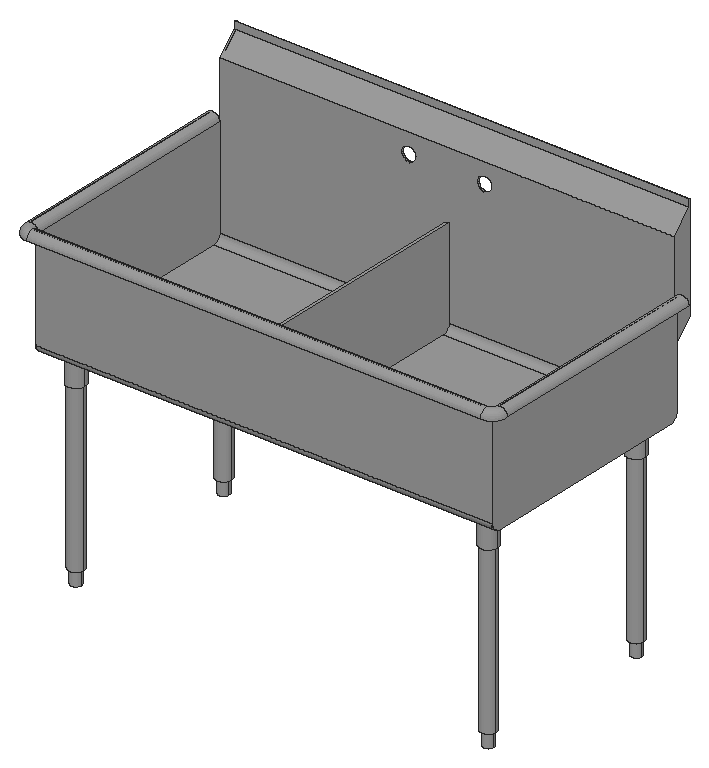
Revit family
Parameters (values of type "ByType")
  Width = 2' - 3 1/2"
  URL = "www.sspinc.net"
  Specification URL = "http://www.sspinc.net/sspweb/index.php?option=com_virtuemart&page=shop.browse&category_id=32&Itemid=73&TreeId=5"
  Sink Material = Metal - Steel - Stainless - Chrome
  Model Number = ""
  Model = "Budget"
  Manufacturer = "Elkay SSP, LLC"
  Length = 4' - 3"
  Hidden Width = if(Compartment Width > 0' 11", Width, (Compartment Width + Sink Rim Front Width + Backsplash Width))  # 2' - 3 1/2"
  Hidden Compartment Width = Width - Sink Rim Front Width - Backsplash Width  # 2' - 0"
  Hidden Compartment Length = (Length - (Sink Rim Sides Width * 2)) / 2  # 2' - 0"
  Description = "Ultility, Double Compartment"
  Compartment Length = if(Hidden Compartment Length > 0' 8 1/2", Hidden Compartment Length, 0' 8 1/2")  # 2' - 0"
  Hidden Length = if((Compartment Length > 0' 8 1/2"), Length, (((Compartment Length * 2) + (Sink Rim Sides Width * 2))))  # 4' - 3"
  Sink Rim Sides Width = 0' - 1 1/2"  # constant formula
  Sink Rim Front Width = 0' - 1 1/2"  # constant formula
  Backsplash Width = 0' - 2"  # constant formula
  Sink Drain Location = Compartment Width / 2  # 1' - 0"
  Compartment Depth = 1' - 0"
  Compartment Width = if(Hidden Compartment Width > 0' 11", Hidden Compartment Width, 0' 11")  # 2' - 0"
  Rim Height = 2' - 10"
  Hole 1 to 2 = 0' - 8"
  Hole 1 From CL = 0' - 4"
  Faucet CL from Top Backsplash = 0' - 4 3/4"
  Backsplash Height = 0' - 8"
  Assembly Code = ""
Reference planes (in)
  plane 1 "CL Sink Hole": y = -0.25
  plane 2 "Bottom": z = 0
  plane 3 "Center (Left/Right)": x = -6
  plane 4 "Basin Edge Left": x = -30
  plane 5 "Basin Edge Right": x = 18
  plane 6 "Basin Edge Back": y = 11.75
  plane 7 "Basin Edge Front": y = -12.25
  plane 8 "Left": x = -31.5
  plane 9 "Right": x = 19.5
  plane 10 "Back": y = 13.75
  plane 11 "Front": y = -13.75
  plane 12 "Sink Bowl Bottom (Top Face)": z = 22
  plane 13 "Sink Bowl Bottom (Bottom Face)": z = 21.875
  plane 14 "Sink Bottom Piece Back Edge": y = 11
  plane 15 "Sink Bottom Piece Front Edge": y = -11.5
  plane 16 "Center (Front/Back)": y = 0
  plane 17 "Sink Rim Top": z = 34
  plane 18 "Sink Bowl Bottom Radius Top Tangent": z = 22.75
  plane 19 "Sink Rim Inside Lower Edge": z = 33.25
  plane 20 "Backsplash Top Angle": z = 41.25
  plane 21 "Backsplash Angle": z = 39.3125
  plane 22 "Backsplash Side Piece Front": y = 11.875
  plane 23 "Backsplash Side Piece Top": z = 41.07322
  plane 24 "Backsplash Side Piece Angle": z = 39.26072
  plane 25 "Backsplash Side Piece Bottom": z = 29
  plane 26 "Backsplash Side Right Piece Inside Edge": x = 17.875
  plane 27 "Backsplash Side Left Piece Inside Edge": x = -29.875
  plane 28 "Basin Edge Right Outside Face": x = 18.125
  plane 29 "Basin Edge Left Outside Face": x = -30.125
  plane 30 "Faucet Hole CL Elev": z = 37.25
  plane 31 "CL Faucet Hole Left": x = -10
  plane 32 "CL Faucet Hole Right": x = -2
  plane 33 "Leg Left CL": x = -27.75
  plane 34 "Leg Front CL": y = -10
  plane 35 "Leg Large Dia Bottom": z = 19
  plane 36 "Leg Foot Top": z = 1.5
  plane 37 "Leg Right CL": x = 15.75
  plane 38 "Leg Back CL": y = 9.5
  plane 39 "Basin Edge Front Outside Edge": y = -12.375
  plane 40 "Basin Edge Back Outside Edge": y = 11.875
  plane 41 "Backsplash Tile Edge Front Face": y = 13.6875
  plane 42 "Backsplash Top Angle 2": z = 41.13572
  plane 43 "Top of Backsplash": z = 42
  plane 44 "Backsplash Side Piece Angle Bottom": z = 30.875
  plane 45 "Left Basin CL": x = -18
  plane 46 "Right Basin CL": x = 6
  plane 47 "Partition Center Right Edge": x = -5.8125
  plane 48 "Partition Center Left Edge": x = -6.1875
  plane 49 "Partition Top": z = 32.1875
Forms (in)
  Sweep 1, solid, material "Metal - Steel - Stainless - Chrome" <- "Sink Material"
    path origin (0, 0, 34) x (0, -1, 0) y (1, 0, 0)
      loop
        line (-11.75, 19.5) -> (12.1875, 19.5)
        arc (12.1875, 19.5) -> (13.29235, 19.04235) -> (13.75, 17.9375) r 1.5625
        line (13.75, 17.9375) -> (13.75, -29.9375)
        arc (13.75, -29.9375) -> (13.29235, -31.04235) -> (12.1875, -31.5) r 1.5625
        line (12.1875, -31.5) -> (-11.75, -31.5)
    profile "profile-budget-rim : profile-budget-rim" origin (-31.5, -0.21875, 34) x (-1, 0, 0) y (0, 0, 1)
      loop
        line (-1.5, -0.75) -> (-1.375, -0.75)
        arc (-1.375, -0.75) -> (-0.75, -0.125) -> (-0.125, -0.75) r 0.625
        line (-0.125, -0.75) -> (0, -0.75)
        arc (0, -0.75) -> (-0.75, 0) -> (-1.5, -0.75) r 0.75
  Extrusion 2, solid, material "Metal - Steel - Stainless - Chrome" <- "Sink Material"
    sketch origin (-6, 0, 0) x (0, 1, 0) y (0, 0, 1)
      loop
        line (-12.375, 33.25) -> (-12.375, 22.75)
        arc (-12.375, 22.75) -> (-12.11872, 22.13128) -> (-11.5, 21.875) r 0.875
        line (-11.5, 21.875) -> (11, 21.875)
        arc (11, 21.875) -> (11.61872, 22.13128) -> (11.875, 22.75) r 0.875
        line (11.875, 22.75) -> (11.875, 33.25) -> (11.75, 33.25) -> (11.75, 22.75)
        arc (11.75, 22.75) -> (11.53033, 22.21967) -> (11, 22) r 0.75
        line (11, 22) -> (-11.5, 22)
        arc (-11.5, 22) -> (-12.03033, 22.21967) -> (-12.25, 22.75) r 0.75
        line (-12.25, 22.75) -> (-12.25, 33.25) -> (-12.375, 33.25)
    from -24 to 24
  Extrusion 3, solid, material "Metal - Steel - Stainless - Chrome" <- "Sink Material"
    sketch origin (-6, 0, 0) x (0, 1, 0) y (0, 0, 1)
      loop
        line (11.75, 39.3125) -> (11.75, 33.25) -> (11.875, 33.25) -> (11.875, 39.26072) -> (13.75, 41.13572) -> (13.75, 42) -> (13.6875, 42) -> (13.6875, 41.25) -> (11.75, 39.3125)
    from -24 to 24
  Extrusion 4, solid, material "Metal - Steel - Stainless - Chrome" <- "Sink Material"
    sketch origin (19.5, 0, 0) x (0, 1, 0) y (0, 0, 1)
      loop
        line (13.75, 41.13572) -> (11.875, 39.26072) -> (11.875, 29) -> (13.75, 30.875) -> (13.75, 41.13572)
    from -1.625 to -1.5
  Extrusion 5, solid, material "Metal - Steel - Stainless - Chrome" <- "Sink Material"
    sketch origin (-18.03125, 0, 0) x (0, 1, 0) y (0, 0, 1)
      loop
        line (13.75, 41.13572) -> (11.875, 39.26072) -> (11.875, 29) -> (13.75, 30.875) -> (13.75, 41.13572)
    from -11.96875 to -11.84375
  Extrusion 6, solid, material "Metal - Steel - Stainless - Chrome" <- "Sink Material"
    sketch origin (18, 0, 0) x (0, 1, 0) y (0, 0, 1)
      loop
        line (-12.375, 33.25) -> (-12.375, 22.75)
        arc (-12.375, 22.75) -> (-12.11872, 22.13128) -> (-11.5, 21.875) r 0.875
        line (-11.5, 21.875) -> (11, 21.875)
        arc (11, 21.875) -> (11.61872, 22.13128) -> (11.875, 22.75) r 0.875
        line (11.875, 22.75) -> (11.875, 33.25) -> (-12.375, 33.25)
    from 0 to 0.125
  Extrusion 7, solid, material "Metal - Steel - Stainless - Chrome" <- "Sink Material"
    sketch origin (-30, 0, 0) x (0, 1, 0) y (0, 0, 1)
      loop
        line (11.875, 33.25) -> (-12.375, 33.25) -> (-12.375, 22.75)
        arc (-12.375, 22.75) -> (-12.11872, 22.13128) -> (-11.5, 21.875) r 0.875
        line (-11.5, 21.875) -> (11, 21.875)
        arc (11, 21.875) -> (11.61872, 22.13128) -> (11.875, 22.75) r 0.875
        line (11.875, 22.75) -> (11.875, 33.25)
    from -0.125 to 0
  Extrusion 8, void
    sketch origin (0, -0.25, 0) x (1, 0, 0) y (0, 0, 1)
      loop
        circle (-10, 37.25) r 0.75
    from -12.125 to -12
  Extrusion 9, void
    sketch origin (0, -0.25, 0) x (1, 0, 0) y (0, 0, 1)
      loop
        circle (-2, 37.25) r 0.75
    from -12.125 to -12
  Extrusion 10, void
    sketch origin (-45.27944, 78.60934, 0) x (1, 0, 0) y (0, 1, 0)
      loop
        circle (27.27944, -78.85934) r 2.375
    from 21.875 to 22
  Revolve 11, solid, material "Metal - Steel - Stainless - Chrome" <- "Sink Material"
    sketch origin (0, -10, 0) x (-1, 0, 0) y (0, 0, 1)
      loop
        line (28.5625, 19) -> (28.72, 19) -> (28.72, 21.875) -> (27.75, 21.875) -> (27.75, 0) -> (28.3125, 0) -> (28.3125, 1.5) -> (28.5625, 1.5) -> (28.5625, 19)
      axis (27.75, 21.875) -> (27.75, 0)
    angle from 0 to 360
  Revolve 12, solid, material "Metal - Steel - Stainless - Chrome" <- "Sink Material"
    sketch origin (0, -10, 0) x (-1, 0, 0) y (0, 0, 1)
      loop
        line (-16.5625, 19) -> (-16.5625, 1.5) -> (-16.3125, 1.5) -> (-16.3125, 0) -> (-15.75, 0) -> (-15.75, 21.875) -> (-16.72, 21.875) -> (-16.72, 19) -> (-16.5625, 19)
      axis (-15.75, 21.875) -> (-15.75, 0)
    angle from 0 to 360
  Revolve 13, solid, material "Metal - Steel - Stainless - Chrome" <- "Sink Material"
    sketch origin (0, 9.5, 0) x (-1, 0, 0) y (0, 0, 1)
      loop
        line (-16.5625, 19) -> (-16.5625, 1.5) -> (-16.3125, 1.5) -> (-16.3125, 0) -> (-15.75, 0) -> (-15.75, 21.875) -> (-16.72, 21.875) -> (-16.72, 19) -> (-16.5625, 19)
      axis (-15.75, 21.875) -> (-15.75, 0)
    angle from 0 to 360
  Revolve 14, solid, material "Metal - Steel - Stainless - Chrome" <- "Sink Material"
    sketch origin (0, 9.5, 0) x (-1, 0, 0) y (0, 0, 1)
      loop
        line (26.9375, 19) -> (26.9375, 1.5) -> (27.1875, 1.5) -> (27.1875, 0) -> (27.75, 0) -> (27.75, 21.875) -> (26.78, 21.875) -> (26.78, 19) -> (26.9375, 19)
      axis (27.75, 21.875) -> (27.75, 0)
    angle from 0 to 360
  Sweep 15, solid, material "Metal - Steel - Stainless - Chrome" <- "Sink Material"
    path origin (0, 0, 22) x (-1, 0, 0) y (0, -1, 0)
      loop
        circle (18, 0.25) r 2.375
    profile "profile-elkay-sink-hole-1 : profile-elkay-sink-hole-1" origin (-18, -2.625, 22) x (0, 1, 0) y (0, 0, 1)
      loop
        arc (0.10775, -0.05529) -> (0.06053, -0.01467) -> (0, 0) r 0.133
        line (0, 0) -> (0, -0.07422)
        arc (0, -0.07422) -> (0.0267, -0.08072) -> (0.04752, -0.09865) r 0.05878
        line (0.04752, -0.09865) -> (0.12152, -0.20143) -> (0.5715, -0.40832) -> (0.5715, -0.32577) -> (0.16939, -0.14089) -> (0.10775, -0.05529)
  Extrusion 16, void
    sketch origin (0, 0, 0) x (1, 0, 0) y (0, 1, 0)
      loop
        circle (6, -0.25) r 2.375
    from 21.875 to 22
  Sweep 17, solid, material "Metal - Steel - Stainless - Chrome" <- "Sink Material"
    path origin (0, 0, 22) x (-1, 0, 0) y (0, -1, 0)
      loop
        circle (-6, 0.25) r 2.375
    profile "profile-elkay-sink-hole-1 : profile-elkay-sink-hole-1" origin (6, -2.625, 22) x (0, 1, 0) y (0, 0, 1)
      loop
        arc (0.10775, -0.05529) -> (0.06053, -0.01467) -> (0, 0) r 0.133
        line (0, 0) -> (0, -0.07422)
        arc (0, -0.07422) -> (0.0267, -0.08072) -> (0.04752, -0.09865) r 0.05878
        line (0.04752, -0.09865) -> (0.12152, -0.20143) -> (0.5715, -0.40832) -> (0.5715, -0.32577) -> (0.16939, -0.14089) -> (0.10775, -0.05529)
  Extrusion 18, solid, material "Metal - Steel - Stainless - Chrome" <- "Sink Material"
    sketch origin (-6, 0, 0) x (0, 1, 0) y (0, 0, 1)
      loop
        line (-12.25, 32.1875) -> (-12.25, 22.75)
        arc (-12.25, 22.75) -> (-12.03033, 22.21967) -> (-11.5, 22) r 0.75
        line (-11.5, 22) -> (11, 22)
        arc (11, 22) -> (11.53033, 22.21967) -> (11.75, 22.75) r 0.75
        line (11.75, 22.75) -> (11.75, 32.1875) -> (-12.25, 32.1875)
    from -0.1875 to 0.1875
Cuts and joins
  Extrusion 10, Extrusion 16 cuts Extrusion 2
  Extrusion 8, Extrusion 9 cuts Extrusion 3
  joined: Sweep 1, Extrusion 2, Extrusion 3, Extrusion 4, Extrusion 5, Extrusion 6, Extrusion 7, Sweep 15, Sweep 17
Lines and regions (in)
  Masking region 1
    outline origin (0, 0, 0) x (1, 0, 0) y (0, 1, 0)
      loop
        line (-31.5, 13.75) -> (-31.5, -12.1875)
        arc (-31.5, -12.1875) -> (-31.04235, -13.29235) -> (-29.9375, -13.75) r 1.5625
        line (-29.9375, -13.75) -> (17.9375, -13.75)
        arc (17.9375, -13.75) -> (19.04235, -13.29235) -> (19.5, -12.1875) r 1.5625
        line (19.5, -12.1875) -> (19.5, 13.75) -> (-31.5, 13.75)
  reference lines
    curve 1: line (-27.75, -10, 21.875) -> (-27.75, -10, 0)
    curve 2: line (15.75, -10, 22) -> (15.75, -10, 0)
    curve 3: line (15.75, 9.5, 21.875) -> (15.75, 9.5, 0)
    curve 4: line (-27.75, 9.5, 21.875) -> (-27.75, 9.5, 0)
    curve 9: arc (-6, -12.25, 22.75) -> (-6, -12.03033, 22.21967) -> (-6, -11.5, 22) r 0.75
    curve 10: arc (-6, -12.375, 22.75) -> (-6, -12.11872, 22.13128) -> (-6, -11.5, 21.875) r 0.875
    curve 11: arc (-6, 11.75, 22.75) -> (-6, 11.53033, 22.21967) -> (-6, 11, 22) r 0.75
    curve 12: arc (-6, 11.875, 22.75) -> (-6, 11.61872, 22.13128) -> (-6, 11, 21.875) r 0.875
  symbolic lines
    curve 5: line (-31.5, 11.75, 0) -> (19.5, 11.75, 0)
    curve 6: line (-30, -12.25, 0) -> (-30, 11.75, 0)
    curve 7: line (18, -12.25, 0) -> (-30, -12.25, 0)
    curve 8: line (18, 11.75, 0) -> (18, -12.25, 0)
    curve 13: circle (-18, -0.25, 0) r 2.375 normal (0, 0, 1)
    curve 14: circle (-18, -0.25, 0) r 1.75 normal (0, 0, 1)
    curve 15: circle (6, -0.25, 0) r 2.375 normal (0, 0, 1)
    curve 16: circle (6, -0.25, 0) r 1.75 normal (0, 0, 1)
    curve 17: line (-6.1875, 11.75, 0) -> (-6.1875, -12.25, 0)
    curve 18: line (-5.8125, 11.75, 0) -> (-5.8125, -12.25, 0)
Dimensions and locks (in)
  equal spacing: plane 8 "Left", plane 3 "Center (Left/Right)", plane 9 "Right"
  "Sink Rim Sides Width": plane 8 "Left" to plane 4 "Basin Edge Left"
  "Sink Rim Sides Width": plane 5 "Basin Edge Right" to plane 9 "Right"
  "Hidden Length": plane 8 "Left" to plane 9 "Right"
  "Sink Drain Location": plane 6 "Basin Edge Back" to plane 1 "CL Sink Hole"
  "Backsplash Width": plane 10 "Back" to plane 6 "Basin Edge Back"
  "Sink Rim Front Width": plane 7 "Basin Edge Front" to plane 11 "Front"
  "Hidden Width": plane 10 "Back" to plane 11 "Front"
  locked: plane 15 "Sink Bottom Piece Front Edge" to plane 7 "Basin Edge Front" at 0.75
  locked: plane 6 "Basin Edge Back" to plane 14 "Sink Bottom Piece Back Edge" at 0.75
  equal spacing: plane 10 "Back", plane 16 "Center (Front/Back)", plane 11 "Front"
  "Compartment Depth": plane 17 "Sink Rim Top" to plane 12 "Sink Bowl Bottom (Top Face)"
  "Rim Height": plane 17 "Sink Rim Top" to plane 2 "Bottom"
  locked: plane 18 "Sink Bowl Bottom Radius Top Tangent" to plane 12 "Sink Bowl Bottom (Top Face)" at 0.75
  locked: plane 17 "Sink Rim Top" to plane 19 "Sink Rim Inside Lower Edge" at 0.75
  "Backsplash Height": plane 43 "Top of Backsplash" to plane 17 "Sink Rim Top"
  locked: plane 20 "Backsplash Top Angle" to plane 21 "Backsplash Angle" at 1.9375
  locked: plane 20 "Backsplash Top Angle" to plane 23 "Backsplash Side Piece Top" at 0.17678
  locked: plane 6 "Basin Edge Back" to plane 22 "Backsplash Side Piece Front" at 0.125
  locked: plane 21 "Backsplash Angle" to plane 24 "Backsplash Side Piece Angle" at 0.05178
  locked: plane 26 "Backsplash Side Right Piece Inside Edge" to plane 5 "Basin Edge Right" at 0.125
  locked: plane 4 "Basin Edge Left" to plane 27 "Backsplash Side Left Piece Inside Edge" at 0.125
  locked: plane 5 "Basin Edge Right" to plane 28 "Basin Edge Right Outside Face" at 0.125
  locked: plane 29 "Basin Edge Left Outside Face" to plane 4 "Basin Edge Left" at 0.125
  locked: plane 34 "Leg Front CL" to plane 7 "Basin Edge Front" at 2.25
  locked: plane 4 "Basin Edge Left" to plane 33 "Leg Left CL" at 2.25
  "Hole 1 From CL": plane 31 "CL Faucet Hole Left" to plane 3 "Center (Left/Right)"
  "Hole 1 to 2": plane 31 "CL Faucet Hole Left" to plane 32 "CL Faucet Hole Right"
  locked: plane 12 "Sink Bowl Bottom (Top Face)" to plane 13 "Sink Bowl Bottom (Bottom Face)" at 0.125
  locked: plane 13 "Sink Bowl Bottom (Bottom Face)" to plane 35 "Leg Large Dia Bottom" at 2.875
  locked: plane 36 "Leg Foot Top" to plane 2 "Bottom" at 1.5
  "Faucet CL from Top Backsplash": plane 43 "Top of Backsplash" to plane 30 "Faucet Hole CL Elev"
  locked: plane 37 "Leg Right CL" to plane 5 "Basin Edge Right" at 2.25
  locked: plane 6 "Basin Edge Back" to plane 38 "Leg Back CL" at 2.25
  locked: nested 1 to plane 9 "Right" at 6
  locked: plane 10 "Back" to nested 1 at 0.875
  locked: plane 39 "Basin Edge Front Outside Edge" to plane 7 "Basin Edge Front" at 0.125
  plane 6 "Basin Edge Back" to plane 40 "Basin Edge Back Outside Edge" = 0' - 0 1/8"
  locked: plane 41 "Backsplash Tile Edge Front Face" to plane 10 "Back" at 0.0625
  locked: plane 20 "Backsplash Top Angle" to plane 42 "Backsplash Top Angle 2" at 0.11428
  locked: plane 43 "Top of Backsplash" to plane 20 "Backsplash Top Angle" at 0.75
  locked: plane 44 "Backsplash Side Piece Angle Bottom" to plane 25 "Backsplash Side Piece Bottom" at 1.875
  locked: plane 17 "Sink Rim Top" to plane 25 "Backsplash Side Piece Bottom" at 5
  equal spacing: plane 4 "Basin Edge Left", plane 45 "Left Basin CL", plane 3 "Center (Left/Right)"
  equal spacing: plane 3 "Center (Left/Right)", plane 46 "Right Basin CL", plane 5 "Basin Edge Right"
  equal spacing: plane 48 "Partition Center Left Edge", plane 3 "Center (Left/Right)", plane 47 "Partition Center Right Edge"
  locked: plane 48 "Partition Center Left Edge" to plane 47 "Partition Center Right Edge" at 0.375
  locked: plane 17 "Sink Rim Top" to plane 49 "Partition Top" at 1.8125
  aligned and locked: Extrusion 2 sketch curve to plane 6 "Basin Edge Back"
  aligned and locked: plane 5 "Basin Edge Right" to Extrusion 2
  aligned and locked: Extrusion 2 to plane 4 "Basin Edge Left"
  aligned and locked: Extrusion 2 sketch curve to plane 19 "Sink Rim Inside Lower Edge"  (x2)
  aligned and locked: Extrusion 3 sketch curve to plane 19 "Sink Rim Inside Lower Edge"
  aligned and locked: Extrusion 3 sketch curve to plane 10 "Back"
  aligned and locked: Extrusion 3 sketch curve to plane 6 "Basin Edge Back"
  aligned: plane 9 "Right" to Extrusion 3
  aligned: Extrusion 3 to plane 8 "Left"
  aligned and locked: plane 10 "Back" to Extrusion 4 sketch curve
  aligned and locked: Extrusion 4 sketch curve to plane 22 "Backsplash Side Piece Front"
  aligned and locked: Extrusion 4 to plane 26 "Backsplash Side Right Piece Inside Edge"
  aligned: plane 9 "Right" to Extrusion 4
  aligned and locked: Extrusion 5 sketch curve to plane 10 "Back"
  aligned and locked: plane 22 "Backsplash Side Piece Front" to Extrusion 5 sketch curve
  aligned and locked: plane 27 "Backsplash Side Left Piece Inside Edge" to Extrusion 5
  aligned: Extrusion 5 to plane 8 "Left"
  aligned and locked: Extrusion 6 sketch curve to plane 19 "Sink Rim Inside Lower Edge"
  aligned and locked: Extrusion 6 to plane 5 "Basin Edge Right"
  aligned and locked: plane 28 "Basin Edge Right Outside Face" to Extrusion 6
  aligned and locked: Extrusion 7 sketch curve to plane 19 "Sink Rim Inside Lower Edge"
  aligned and locked: Extrusion 7 to plane 29 "Basin Edge Left Outside Face"
  aligned and locked: plane 4 "Basin Edge Left" to Extrusion 7
  aligned and locked: plane 22 "Backsplash Side Piece Front" to Extrusion 9
  aligned and locked: Extrusion 9 to plane 6 "Basin Edge Back"
  aligned and locked: plane 22 "Backsplash Side Piece Front" to Extrusion 8
  aligned: Extrusion 8 to plane 14 "Sink Bottom Piece Back Edge"
  aligned and locked: Extrusion 8 to plane 6 "Basin Edge Back"
  aligned and locked: plane 12 "Sink Bowl Bottom (Top Face)" to Extrusion 10
  aligned and locked: Extrusion 10 to plane 13 "Sink Bowl Bottom (Bottom Face)"
  aligned and locked: Revolve 11 sketch curve to plane 13 "Sink Bowl Bottom (Bottom Face)"
  aligned and locked: Revolve 11 sketch curve to curve 1
  aligned and locked: curve 2 to plane 37 "Leg Right CL"
  aligned and locked: plane 12 "Sink Bowl Bottom (Top Face)" to curve 2
  aligned and locked: plane 2 "Bottom" to curve 2
  aligned and locked: Revolve 12 sketch curve to plane 36 "Leg Foot Top"
  aligned and locked: Revolve 12 sketch curve to plane 35 "Leg Large Dia Bottom"
  aligned and locked: plane 2 "Bottom" to Revolve 12 sketch curve  (x3)
  aligned and locked: plane 13 "Sink Bowl Bottom (Bottom Face)" to Revolve 12 sketch curve
  aligned and locked: curve 2 to Revolve 12 sketch curve  (x2)
  aligned and locked: Revolve 12 sketch curve to plane 13 "Sink Bowl Bottom (Bottom Face)"
  aligned and locked: Revolve 13 sketch curve to plane 2 "Bottom"
  aligned and locked: plane 36 "Leg Foot Top" to Revolve 13 sketch curve
  aligned and locked: plane 35 "Leg Large Dia Bottom" to Revolve 13 sketch curve
  aligned and locked: Revolve 13 sketch curve to plane 13 "Sink Bowl Bottom (Bottom Face)"
  aligned and locked: plane 37 "Leg Right CL" to Revolve 13 sketch curve
  aligned and locked: Revolve 13 sketch curve to curve 3
  aligned and locked: Revolve 14 sketch curve to plane 2 "Bottom"
  aligned and locked: Revolve 14 sketch curve to plane 36 "Leg Foot Top"
  aligned and locked: plane 35 "Leg Large Dia Bottom" to Revolve 14 sketch curve
  aligned and locked: plane 13 "Sink Bowl Bottom (Bottom Face)" to Revolve 14 sketch curve
  aligned and locked: plane 33 "Leg Left CL" to Revolve 14 sketch curve
  aligned and locked: plane 2 "Bottom" to Revolve 14 sketch curve
  aligned and locked: Revolve 14 sketch curve to plane 33 "Leg Left CL"
  aligned and locked: Masking region 1 sketch curve to plane 10 "Back"
  aligned and locked: plane 8 "Left" to Masking region 1 sketch curve
  aligned and locked: Masking region 1 sketch curve to plane 9 "Right"
  aligned and locked: plane 11 "Front" to Masking region 1 sketch curve
  aligned and locked: plane 4 "Basin Edge Left" to curve 6
  aligned and locked: curve 5 to plane 6 "Basin Edge Back"
  aligned and locked: plane 8 "Left" to curve 5
  aligned and locked: plane 9 "Right" to curve 5
  aligned and locked: Extrusion 6 sketch curve to plane 39 "Basin Edge Front Outside Edge"
  aligned and locked: Extrusion 6 sketch curve to plane 40 "Basin Edge Back Outside Edge"
  aligned and locked: plane 24 "Backsplash Side Piece Angle" to Extrusion 4 sketch curve
  aligned and locked: plane 6 "Basin Edge Back" to Sweep 1 sketch curve  (x2)
  aligned and locked: Extrusion 6 sketch curve to curve 10
  aligned and locked: Extrusion 6 sketch curve to curve 12
  aligned and locked: Extrusion 7 sketch curve to curve 12
  aligned and locked: Extrusion 7 sketch curve to curve 10
  aligned and locked: Extrusion 2 sketch curve to curve 11
  aligned and locked: Extrusion 2 sketch curve to curve 9
  aligned and locked: plane 5 "Basin Edge Right" to cut or joined group 1 (Sweep 1, Extrusion 2, Extrusion 3, Extrusion 4, Extrusion 5, Extrusion 6, Extrusion 7, Extrusion 8, Extrusion 9, Extrusion 10, Sweep 15, Extrusion 16, Sweep 17)
  aligned and locked: cut or joined group 1 to plane 4 "Basin Edge Left"  (x2)
  aligned and locked: plane 41 "Backsplash Tile Edge Front Face" to Extrusion 3 sketch curve
  aligned and locked: Extrusion 3 sketch curve to plane 43 "Top of Backsplash"
  aligned and locked: plane 12 "Sink Bowl Bottom (Top Face)" to Extrusion 16
  aligned and locked: Extrusion 16 to plane 13 "Sink Bowl Bottom (Bottom Face)"
  aligned and locked: Extrusion 18 sketch curve to plane 7 "Basin Edge Front"
  aligned and locked: Extrusion 18 sketch curve to plane 6 "Basin Edge Back"
  aligned and locked: Extrusion 18 sketch curve to curve 11
  aligned and locked: Extrusion 18 sketch curve to curve 9
  aligned and locked: Extrusion 18 sketch curve to plane 49 "Partition Top"
  aligned and locked: Extrusion 18 to plane 48 "Partition Center Left Edge"
  aligned and locked: plane 47 "Partition Center Right Edge" to Extrusion 18
  aligned and locked: curve 17 to plane 48 "Partition Center Left Edge"
  aligned and locked: curve 18 to plane 47 "Partition Center Right Edge"
  aligned and locked: plane 6 "Basin Edge Back" to curve 17
  aligned and locked: plane 7 "Basin Edge Front" to curve 18
  aligned and locked: plane 7 "Basin Edge Front" to curve 17
Automatic sketch dimensions
  Extrusion 8 sketch curve to plane 30 "Faucet Hole CL Elev" = 0' - 0"
  Extrusion 8 sketch curve to plane 31 "CL Faucet Hole Left" = 0' - 0"
  Extrusion 9 sketch curve to plane 30 "Faucet Hole CL Elev" = 0' - 0"
  Extrusion 9 sketch curve to plane 32 "CL Faucet Hole Right" = 0' - 0"
  curve 1 to level = 0' - 0"
  curve 1 to plane 33 "Leg Left CL" = 0' - 0"
  curve 1 to plane 13 "Sink Bowl Bottom (Bottom Face)" = 0' - 0"
  Revolve 11 sketch curve to plane 33 "Leg Left CL" = 0' - 0"
  Revolve 11 sketch curve to level = 0' - 0"  (x2)
  Revolve 11 sketch curve to plane 36 "Leg Foot Top" = 0' - 0"
  Revolve 11 sketch curve to plane 35 "Leg Large Dia Bottom" = 0' - 0"
  Revolve 11 sketch curve to plane 13 "Sink Bowl Bottom (Bottom Face)" = 0' - 0"
  Revolve 11 sketch curve to Revolve 11 sketch curve = 0' - 0 9/16"
  Revolve 11 sketch curve to Revolve 11 sketch curve = 0' - 0 1/4"
  Revolve 11 sketch curve to Revolve 11 sketch curve = 0' - 0.1575"
  plane 37 "Leg Right CL" to Revolve 12 sketch curve = 0' - 0 9/16"
  plane 37 "Leg Right CL" to Revolve 12 sketch curve = 0' - 0 13/16"
  Revolve 12 sketch curve to Revolve 12 sketch curve = 0' - 0.1575"
  curve 3 to level = 0' - 0"
  curve 3 to plane 37 "Leg Right CL" = 0' - 0"
  curve 3 to plane 13 "Sink Bowl Bottom (Bottom Face)" = 0' - 0"
  Revolve 13 sketch curve to level = 0' - 0"
  Revolve 13 sketch curve to plane 13 "Sink Bowl Bottom (Bottom Face)" = 0' - 0"
  plane 37 "Leg Right CL" to Revolve 13 sketch curve = 0' - 0 9/16"
  Revolve 13 sketch curve to Revolve 13 sketch curve = 0' - 0 1/4"
  Revolve 13 sketch curve to Revolve 13 sketch curve = 0' - 0.97"
  Revolve 14 sketch curve to plane 13 "Sink Bowl Bottom (Bottom Face)" = 0' - 0"
  plane 33 "Leg Left CL" to Revolve 14 sketch curve = 0' - 0 9/16"
  Revolve 14 sketch curve to Revolve 14 sketch curve = 0' - 0 1/4"
  Revolve 14 sketch curve to Revolve 14 sketch curve = 0' - 0.97"
  curve 4 to level = 0' - 0"
  curve 4 to plane 33 "Leg Left CL" = 0' - 0"
  curve 4 to plane 13 "Sink Bowl Bottom (Bottom Face)" = 0' - 0"
  Sweep 1 sketch curve to plane 9 "Right" = 0' - 0"
  Sweep 1 sketch curve to plane 8 "Left" = 0' - 0"
  Sweep 1 sketch curve to plane 11 "Front" = 0' - 0"
  Sweep 1 sketch curve to plane 5 "Basin Edge Right" = 0' - 0 1/16"
  plane 7 "Basin Edge Front" to Sweep 1 sketch curve = 0' - 0 1/16"
  plane 4 "Basin Edge Left" to Masking region 1 sketch curve = 0' - 0 1/16"
  Masking region 1 sketch curve to plane 5 "Basin Edge Right" = 0' - 0 1/16"
  curve 9 to curve 10 = 0' - 0"  (x2)
  curve 11 to curve 12 = 0' - 0"  (x2)
  curve 10 to plane 18 "Sink Bowl Bottom Radius Top Tangent" = 0' - 0"
  curve 10 to plane 39 "Basin Edge Front Outside Edge" = 0' - 0"
  curve 9 to plane 7 "Basin Edge Front" = 0' - 0"
  curve 10 to plane 15 "Sink Bottom Piece Front Edge" = 0' - 0"
  curve 11 to plane 14 "Sink Bottom Piece Back Edge" = 0' - 0"
  curve 11 to plane 6 "Basin Edge Back" = 0' - 0"
  curve 12 to plane 18 "Sink Bowl Bottom Radius Top Tangent" = 0' - 0"
  curve 12 to plane 22 "Backsplash Side Piece Front" = 0' - 0"
  Extrusion 2 sketch curve to plane 22 "Backsplash Side Piece Front" = 0' - 0"
  Extrusion 2 sketch curve to Extrusion 2 sketch curve = 0' - 0"  (x4)
  Extrusion 3 sketch curve to plane 22 "Backsplash Side Piece Front" = 0' - 0"
  Extrusion 3 sketch curve to plane 24 "Backsplash Side Piece Angle" = 0' - 0"
  Extrusion 3 sketch curve to plane 21 "Backsplash Angle" = 0' - 0"
  Extrusion 3 sketch curve to plane 42 "Backsplash Top Angle 2" = 0' - 0"
  Extrusion 3 sketch curve to plane 20 "Backsplash Top Angle" = 0' - 0"
  Extrusion 4 sketch curve to plane 25 "Backsplash Side Piece Bottom" = 0' - 0"
  Extrusion 4 sketch curve to plane 44 "Backsplash Side Piece Angle Bottom" = 0' - 0"
  Extrusion 4 sketch curve to plane 42 "Backsplash Top Angle 2" = 0' - 0"
  Extrusion 5 sketch curve to plane 25 "Backsplash Side Piece Bottom" = 0' - 0"
  Extrusion 5 sketch curve to plane 44 "Backsplash Side Piece Angle Bottom" = 0' - 0"
  Extrusion 5 sketch curve to plane 24 "Backsplash Side Piece Angle" = 0' - 0"
  Extrusion 5 sketch curve to plane 42 "Backsplash Top Angle 2" = 0' - 0"
  plane 1 "CL Sink Hole" to Extrusion 10 sketch curve = 0' - 0"
  Extrusion 10 sketch curve to plane 45 "Left Basin CL" = 0' - 0"
  plane 1 "CL Sink Hole" to Sweep 15 sketch curve = 0' - 0"
  Sweep 15 sketch curve to plane 45 "Left Basin CL" = 0' - 0"
  plane 1 "CL Sink Hole" to Extrusion 16 sketch curve = 0' - 0"
  Extrusion 16 sketch curve to plane 46 "Right Basin CL" = 0' - 0"
  plane 1 "CL Sink Hole" to Sweep 17 sketch curve = 0' - 0"
  Sweep 17 sketch curve to plane 46 "Right Basin CL" = 0' - 0"
  curve 13 to curve 14 = 0' - 0"  (x2)
  curve 15 to curve 16 = 0' - 0"  (x2)
  plane 1 "CL Sink Hole" to curve 14 = 0' - 0"
  curve 14 to plane 45 "Left Basin CL" = 0' - 0"
  plane 1 "CL Sink Hole" to curve 16 = 0' - 0"
  curve 16 to plane 46 "Right Basin CL" = 0' - 0"
  curve 7 to plane 5 "Basin Edge Right" = 0' - 0"
  radius of Extrusion 8 sketch curve = 0' - 0 3/4"
  radius of Extrusion 9 sketch curve = 0' - 0 3/4"
  radius of Extrusion 10 sketch curve = 0' - 2 3/8"
  radius of Sweep 15 sketch curve = 0' - 2 3/8"
  radius of Extrusion 16 sketch curve = 0' - 2 3/8"
  radius of Sweep 17 sketch curve = 0' - 2 3/8"
  radius of curve 13 = 0' - 2 3/8"
  radius of curve 14 = 0' - 1 3/4"
  radius of curve 15 = 0' - 2 3/8"
  radius of curve 16 = 0' - 1 3/4"
Nested families (in)
  nested 1: "logo-elkay-ssp-detail" at (13.5, 12.875, 0), type "logo-elkay-ssp-detail"
Definition of nested family "logo-elkay-ssp-detail"
  Parameters (values of type "logo-elkay-ssp-detail")
    Assembly Code = ""
  Reference planes (in)
    plane 1 "Center (Front/Back)": y = 0
    plane 2: z = 0
    plane 3 "Center (Left/Right)": x = 0
  Lines and regions (in)
    model lines, style "Light Lines", in view "Ref. Level"
      curve 1: line (-3.32285, -0.06136, 0) -> (-4.06065, -0.06136, 0)
      curve 2: line (-4.06065, -0.06136, 0) -> (-4.1052, -0.25903, 0)
      curve 3: line (-4.1052, -0.25903, 0) -> (-3.21308, -0.25903, 0)
      curve 4: line (-3.21308, -0.25903, 0) -> (-3.24121, -0.38381, 0)
      curve 5: line (-3.24121, -0.38381, 0) -> (-4.38592, -0.38381, 0)
      curve 6: line (-4.38592, -0.38381, 0) -> (-4.2221, 0.37099, 0)
      curve 7: line (-4.2221, 0.37099, 0) -> (-3.14692, 0.37099, 0)
      curve 8: line (-3.14692, 0.37099, 0) -> (-3.17697, 0.23769, 0)
      curve 9: line (-3.17697, 0.23769, 0) -> (-3.99255, 0.23769, 0)
      curve 10: line (-3.99255, 0.23769, 0) -> (-4.0323, 0.06136, 0)
      curve 11: line (-4.0323, 0.06136, 0) -> (-3.29519, 0.06136, 0)
      curve 12: line (-3.29519, 0.06136, 0) -> (-3.32285, -0.06136, 0)
      curve 13: line (-2.6687, 0.37099, 0) -> (-2.81391, -0.25903, 0)
      curve 14: line (-2.81391, -0.25903, 0) -> (-2.05871, -0.25903, 0)
      curve 15: line (-2.05871, -0.25903, 0) -> (-2.08684, -0.38381, 0)
      curve 16: line (-2.08684, -0.38381, 0) -> (-3.09595, -0.38381, 0)
      curve 17: line (-3.09595, -0.38381, 0) -> (-2.93213, 0.37099, 0)
      curve 18: line (-2.93213, 0.37099, 0) -> (-2.6687, 0.37099, 0)
      curve 19: line (-0.64402, 0.37099, 0) -> (-0.90842, 0.37099, 0)
      curve 20: line (-0.90842, 0.37099, 0) -> (-1.67841, -0.0469, 0)
      curve 21: line (-1.67841, -0.0469, 0) -> (-1.57913, 0.37099, 0)
      curve 22: line (-1.57913, 0.37099, 0) -> (-1.84806, 0.37099, 0)
      curve 23: line (-1.84806, 0.37099, 0) -> (-2.01188, -0.38381, 0)
      curve 24: line (-2.01188, -0.38381, 0) -> (-1.7563, -0.38381, 0)
      curve 25: line (-1.7563, -0.38381, 0) -> (-1.71799, -0.21251, 0)
      curve 26: line (-1.71799, -0.21251, 0) -> (-1.43517, -0.06668, 0)
      curve 27: line (-1.43517, -0.06668, 0) -> (-1.0752, -0.38302, 0)
      curve 28: line (-1.0752, -0.38302, 0) -> (-0.71907, -0.38302, 0)
      curve 29: line (-0.71907, -0.38302, 0) -> (-1.21254, 0.0523, 0)
      curve 30: line (-1.21254, 0.0523, 0) -> (-0.64912, 0.37099, 0)
      curve 31: line (0.08918, 0.26288, 0) -> (0.26729, -0.08711, 0)
      curve 32: line (0.26729, -0.08711, 0) -> (-0.20629, -0.08711, 0)
      curve 33: line (-0.20629, -0.08711, 0) -> (0.08918, 0.26288, 0)
      curve 34: line (0.34973, -0.25251, 0) -> (0.4165, -0.38302, 0)
      curve 35: line (0.4165, -0.38302, 0) -> (0.70132, -0.38302, 0)
      curve 36: line (0.70132, -0.38302, 0) -> (0.33383, 0.37099, 0)
      curve 37: line (0.33383, 0.37099, 0) -> (0.0006, 0.37099, 0)
      curve 38: line (0.0006, 0.37099, 0) -> (-0.67302, -0.38302, 0)
      curve 39: line (-0.67302, -0.38302, 0) -> (-0.46788, -0.38302, 0)
      curve 40: line (-0.46788, -0.38302, 0) -> (-0.3476, -0.25251, 0)
      curve 41: line (-0.3476, -0.25251, 0) -> (0.34973, -0.25251, 0)
      curve 42: line (0.56187, 0.37099, 0) -> (0.87618, 0.37099, 0)
      curve 43: line (0.87618, 0.37099, 0) -> (1.20045, 0.00137, 0)
      curve 44: line (1.20045, 0.00137, 0) -> (1.65515, 0.37099, 0)
      curve 45: line (1.65515, 0.37099, 0) -> (1.84822, 0.37099, 0)
      curve 46: line (1.84822, 0.37099, 0) -> (1.2574, -0.11624, 0)
      curve 47: line (0.57295, 0.37099, 0) -> (1.00835, -0.11016, 0)
      curve 48: line (1.00835, -0.11016, 0) -> (0.94407, -0.38302, 0)
      curve 49: line (0.94407, -0.38302, 0) -> (1.19982, -0.38302, 0)
      curve 50: line (1.19982, -0.38302, 0) -> (1.2574, -0.11624, 0)
      curve 51: arc (2.52563, -0.41963, 0) -> (2.55578, -0.40042, 0) -> (2.5511, -0.36497, 0) r 0.03326
      curve 52: arc (2.46024, 0.37099, 0) -> (2.23746, 0.22901, 0) -> (2.27207, -0.03289, 0) r 0.24577
      curve 53: arc (3.26518, 0.1338, 0) -> (3.22745, 0.10965, 0) -> (3.23358, 0.06528, 0) r 0.04155
      curve 54: arc (3.33528, -0.6502, 0) -> (3.54975, -0.51639, 0) -> (3.51615, -0.26584, 0) r 0.23308
      curve 55: arc (3.29628, -0.70696, 0) -> (3.41982, -0.6722, 0) -> (3.50727, -0.57827, 0) r 0.23766
      curve 56: arc (3.2186, -0.41963, 0) -> (3.25205, -0.39818, 0) -> (3.24651, -0.35884, 0) r 0.03681
      curve 57: arc (3.15289, 0.37099, 0) -> (2.93027, 0.22824, 0) -> (2.96709, -0.03364, 0) r 0.24497
      curve 58: arc (2.633, -0.64933, 0) -> (2.85307, -0.50732, 0) -> (2.81371, -0.24838, 0) r 0.24106
      curve 59: arc (2.57187, 0.13545, 0) -> (2.53153, 0.10936, 0) -> (2.53876, 0.06187, 0) r 0.04424
      curve 60: arc (2.55732, 0.07873, 0) -> (2.54756, 0.0776, 0) -> (2.53831, 0.07426, 0) r 0.04262
      curve 61: arc (2.92714, 0.22115, 0) -> (2.87312, 0.06226, 0) -> (2.93286, -0.09457, 0) r 0.24753
      curve 62: arc (2.23855, 0.23132, 0) -> (2.17681, 0.0715, 0) -> (2.23443, -0.08985, 0) r 0.24592
      curve 63: arc (3.88486, -0.44269, 0) -> (4.12885, -0.30718, 0) -> (4.32958, -0.11327, 0) r 1.0718
      curve 64: arc (4.32958, -0.11327, 0) -> (4.38535, 0.16386, 0) -> (4.19297, 0.37099, 0) r 0.30993
      curve 65: arc (3.88486, -0.48319, 0) -> (4.13375, -0.33012, 0) -> (4.32958, -0.11327, 0) r 1.02892
      curve 66: arc (4.32958, -0.11327, 0) -> (4.38773, 0.0419, 0) -> (4.36981, 0.20663, 0) r 0.35813
      curve 67: arc (3.97545, 0.1338, 0) -> (4.02101, 0.1288, 0) -> (4.0644, 0.11404, 0) r 0.21001
      curve 68: arc (4.0644, 0.11404, 0) -> (4.10051, 0.07497, 0) -> (4.09899, 0.0218, 0) r 0.07042
      curve 69: arc (4.09899, 0.0218, 0) -> (4.08251, -0.0082, 0) -> (4.06114, -0.03492, 0) r 0.19865
      curve 70: arc (4.06114, -0.03492, 0) -> (3.97859, -0.10823, 0) -> (3.88498, -0.16674, 0) r 0.65976
      curve 71: arc (3.93761, 0.07708, 0) -> (3.98316, 0.07208, 0) -> (4.02655, 0.05732, 0) r 0.21001
      curve 72: arc (4.02655, 0.05732, 0) -> (4.05187, 0.03848, 0) -> (4.06773, 0.0112, 0) r 0.07853
      curve 73: arc (4.06773, 0.0112, 0) -> (4.06991, -0.01264, 0) -> (4.06114, -0.03492, 0) r 0.05183
      curve 74: line (2.57187, 0.13545, 0) -> (2.84882, 0.13545, 0)
      curve 75: line (2.84882, 0.13545, 0) -> (2.77849, 0.37099, 0)
      curve 76: line (2.77849, 0.37099, 0) -> (2.46024, 0.37099, 0)
      curve 77: line (2.27207, -0.03289, 0) -> (2.5511, -0.36497, 0)
      curve 78: line (3.34243, -0.6502, 0) -> (2.02856, -0.6502, 0)
      curve 79: line (2.02856, -0.6502, 0) -> (1.96102, -0.41963, 0)
      curve 80: line (1.96102, -0.41963, 0) -> (2.52563, -0.41963, 0)
      curve 81: line (1.97764, -0.47635, 0) -> (1.92318, -0.47635, 0)
      curve 82: line (1.92318, -0.47635, 0) -> (1.99066, -0.70813, 0)
      curve 83: line (1.99066, -0.70813, 0) -> (3.29628, -0.70813, 0)
      curve 84: line (3.88486, -0.44269, 0) -> (3.88486, -0.65187, 0)
      curve 85: line (3.88486, -0.65187, 0) -> (3.62132, -0.65187, 0)
      curve 86: line (3.62132, -0.65187, 0) -> (3.62132, 0.1338, 0)
      curve 87: line (3.62132, 0.1338, 0) -> (3.26518, 0.1338, 0)
      curve 88: line (3.84701, -0.65187, 0) -> (3.84701, -0.70859, 0)
      curve 89: line (3.84701, -0.70859, 0) -> (3.58348, -0.70859, 0)
      curve 90: line (3.58348, -0.70859, 0) -> (3.58348, 0.07708, 0)
      curve 91: line (3.58348, 0.07708, 0) -> (3.2265, 0.07708, 0)
      curve 92: line (3.97545, 0.1338, 0) -> (3.88498, 0.1338, 0)
      curve 93: line (3.88498, 0.1338, 0) -> (3.88498, -0.16674, 0)
      curve 94: line (3.15289, 0.37099, 0) -> (4.19297, 0.37099, 0)
      curve 95: line (2.79404, 0.13545, 0) -> (2.81098, 0.07873, 0)
      curve 96: line (2.81098, 0.07873, 0) -> (2.55732, 0.07873, 0)
      curve 97: line (2.8741, -0.41963, 0) -> (3.2186, -0.41963, 0)
      curve 98: line (3.23358, 0.06528, 0) -> (3.53073, -0.28292, 0)
      curve 99: line (2.96709, -0.03364, 0) -> (3.24651, -0.35884, 0)
      curve 100: line (2.53876, 0.06187, 0) -> (2.81371, -0.24838, 0)
      curve 101: line (2.93286, -0.09457, 0) -> (3.21217, -0.41963, 0)
      curve 102: line (2.23443, -0.08985, 0) -> (2.51152, -0.41963, 0)
      curve 103: line (3.88498, 0.07708, 0) -> (3.93761, 0.07708, 0)
